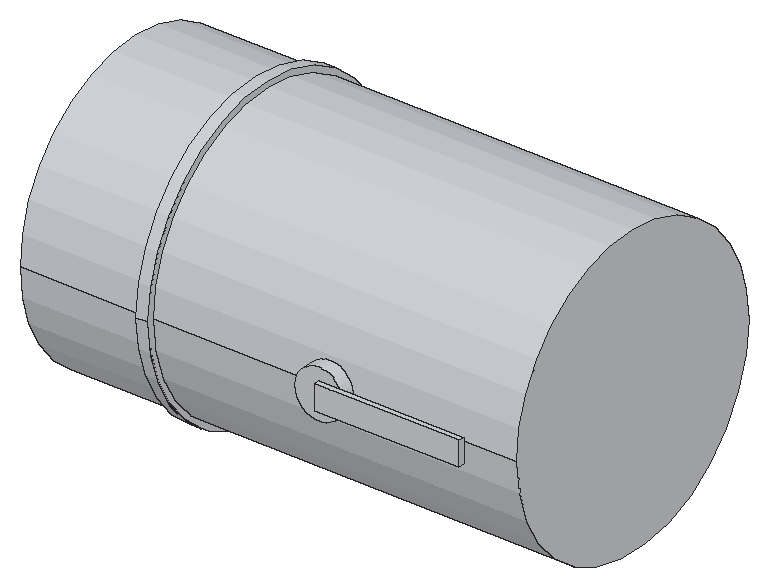
Revit family "M_Round Takeoff with Damper", category Duct Fittings, Revit 2014
Parameters (values of type "Standard")
  built-in parameter 1114214 [instance] = 125 mm
  built-in parameter 1114213 [instance] = 390 mm
  built-in parameter 1114215 [instance] = if(Duct Diameter > 400 mm, Duct Diameter, 390 mm)  # 1.2795 (stored number, unit not read)
  Radius 2 [instance] = Handle Width  # 25 mm
  Radius 1 [instance] = Duct Radius + 6 mm  # 156 mm
  Length 3 [instance] = Length 2 + Handle Height  # 168.5 mm
  Length 2 [instance] = Length 1 + Duct Radius  # 162.5 mm
  Length 1 [instance] = 12.5 mm
  Handle Width [instance] = 25 mm
  Handle Length [instance] = 150 mm
  Handle Height [instance] = 6 mm
  Stop Bead Thickness [instance] = 12.5 mm
  Stop Bead Radius [instance] = Duct Radius + Stop Bead Extension  # 156 mm
  Stop Bead Extension [instance] = 6 mm
  Duct Radius [instance] = 150 mm
  Duct Length 1 [instance] = Duct Radius + 75 mm  # 225 mm
  Duct Diameter [instance] = Duct Radius * 2  # 300 mm
Reference planes
  plane 1 "Center (Front/Back)": y = 0
  plane 2: z = 0
  plane 3 "Center (Left/Right)": x = 0
  plane 4: x = 390
  plane 5: x = -125
  plane 6: x = 195
  plane 7: y = -168.5
Forms (mm)
  Extrusion 1, solid, detail levels medium+fine
    sketch origin (0, 0, 0) x (0, 1, 0) y (0, 0, 1)
      loop
        circle (0, 0) r 150
    from 0 to 390
  Extrusion 2, solid, detail levels medium+fine
    sketch origin (-125, 1599.471, 1219.2) x (0, 1, 0) y (0, 0, 1)
      loop
        circle (-1599.471, -1219.2) r 150
    from 0 to 125
  Extrusion 3, solid, detail levels medium+fine
    sketch origin (0, 0, 0) x (0, 1, 0) y (0, 0, 1)
      loop
        circle (0, 0) r 156
    from 0 to 12.5
  Extrusion 4, solid, detail levels medium+fine
    sketch origin (0, 0, 0) x (1, 0, 0) y (0, 0, 1)
      loop
        circle (195, 0) r 25
    from 162.5 to 0
  Extrusion 5, solid, detail levels medium+fine
    sketch origin (0, -162.5, 0) x (-1, 0, 0) y (0, 0, 1)
      loop
        line (-345, 12.5) -> (-345, -12.5) -> (-195, -12.5) -> (-195, 12.5) -> (-345, 12.5)
    from 0 to -6
Cuts and joins
  joined: Extrusion 1, Extrusion 3, Extrusion 4
Lines and regions (mm)
  model lines, not visible, detail levels coarse
    curve 1: line (0, 0, 0) -> (390, 0, 0)
  model lines, detail levels coarse
    curve 2: line (195, -168.5, 0) -> (195, 150, 0)
    curve 3: line (195, -168.5, 0) -> (345, -168.5, 0)
Dimensions and locks
  "built-in parameter 1114214": plane 5 to plane 3 "Center (Left/Right)"
  "Stop Bead Thickness": plane 3 "Center (Left/Right)" to Extrusion 3
  equal spacing: Extrusion 5 sketch curve, plane 2, Extrusion 5 sketch curve
  "Handle Width": Extrusion 5 sketch curve to Extrusion 5 sketch curve
  "Handle Length": Extrusion 5 sketch curve to Extrusion 5 sketch curve
  "Length 3": plane 7 to plane 1 "Center (Front/Back)"
  "Duct Radius": plane 1 "Center (Front/Back)" to curve 2
  "Length 2": cut or joined group of Extrusion 1, Extrusion 3, Extrusion 4 to plane 1 "Center (Front/Back)"
  "Handle Height": Extrusion 5 to Extrusion 5
  "Handle Length": plane 6 to curve 3
  "built-in parameter 1114213": plane 3 "Center (Left/Right)" to plane 4
  equal spacing: plane 3 "Center (Left/Right)", plane 6, plane 4
  "Duct Radius": radius of Extrusion 1 sketch curve
  "Duct Radius": radius of Extrusion 2 sketch curve
  "Stop Bead Radius": radius of Extrusion 3 sketch curve
  "Radius 2": radius of Extrusion 4 sketch curve
  aligned and locked: plane 1 "Center (Front/Back)" to curve 1
  aligned and locked: plane 3 "Center (Left/Right)" to curve 1
  aligned and locked: plane 2 to Extrusion 1 sketch curve
  aligned and locked: plane 1 "Center (Front/Back)" to Extrusion 1 sketch curve
  aligned and locked: Extrusion 1 to plane 3 "Center (Left/Right)"
  aligned and locked: plane 2 to Extrusion 2 sketch curve
  aligned and locked: plane 1 "Center (Front/Back)" to Extrusion 2 sketch curve
  aligned and locked: plane 3 "Center (Left/Right)" to Extrusion 2
  aligned and locked: Extrusion 2 to plane 5
  aligned and locked: plane 1 "Center (Front/Back)" to Extrusion 3 sketch curve
  aligned and locked: plane 2 to Extrusion 3 sketch curve
  aligned and locked: Extrusion 3 to plane 3 "Center (Left/Right)"
  aligned and locked: plane 2 to Extrusion 4 sketch curve
  aligned and locked: plane 6 to Extrusion 4 sketch curve
  aligned and locked: plane 1 "Center (Front/Back)" to Extrusion 4
  aligned and locked: plane 6 to Extrusion 5 sketch curve
  aligned and locked: cut or joined group of Extrusion 1, Extrusion 3, Extrusion 4 to Extrusion 5
  aligned and locked: Extrusion 5 to plane 7
  aligned and locked: plane 6 to curve 3
  aligned and locked: plane 4 to Extrusion 1
  aligned and locked: plane 4 to curve 1
Automatic sketch dimensions
  curve 2 to plane 6 = 0 mm
  curve 2 to plane 7 = 0 mm
  curve 3 to level = 0 mm
  curve 3 to plane 6 = 0 mm
  curve 3 to plane 4 = 45 mm
Connectors
  hvac at (0, 0, 0), driven by "Duct Radius"
    settings: on cut or joined group of Extrusion 1, Extrusion 3, Extrusion 4, index 1, duct flow 0.0 L/s, flow factor 0, pres drop 0.0 Pa, loss coef 0, conn angle 0.00°, conn width 304.8 mm, conn height 304.8 mm, conn diameter 300 mm, duct sys type 28, conn prof type 0, flow config 0, flow direction 0, loss method 0, conn ref index 2, conn util no, is conn primary yes, conn desc ""
  hvac at (390, 0, 0), driven by "Duct Radius"
    settings: on cut or joined group of Extrusion 1, Extrusion 3, Extrusion 4, index 2, duct flow 0.0 L/s, flow factor 0, pres drop 0.0 Pa, loss coef 0, conn angle 0.00°, conn width 304.8 mm, conn height 304.8 mm, conn diameter 300 mm, duct sys type 28, conn prof type 0, flow config 0, flow direction 0, loss method 0, conn ref index 1, conn util no, is conn primary no, conn desc ""
